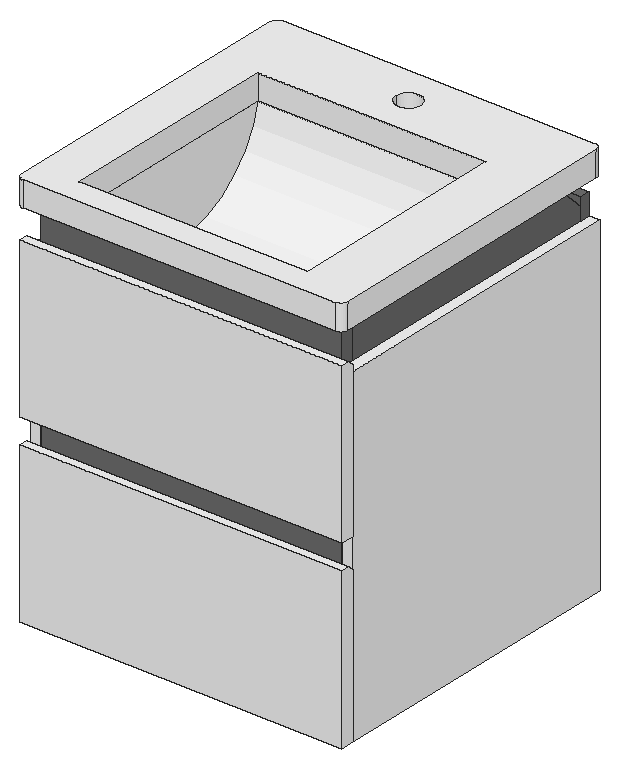
Revit family "135226861_Mueble Pontus Plus 45 cm con Lavamanos", category Furniture, Revit 2019
Family settings
  OmniClass Number = 23.31.13.11
  OmniClass Title = Single Sinks
  Work Plane-Based = No
  Always vertical = Yes
  Cut with Voids When Loaded = No
  Shared = No
  Room Calculation Point = No
Parameters
  URL = ""
  Resistencia a la humedad = "8%."  # constant formula
  Peso Neto aprox = "34,2 lb (15,5 kg)."  # constant formula
  Peso Bruto aprox = "42,5 lb (19,3 kg)."  # constant formula
  Model = "Pontus Plus 45"  # constant formula
  Material = Corona_Madera_Blanco
  Manufacturer = "Corona"  # constant formula
  Longitud = 450 mm
  Garantía Herraje = "1 Año"  # constant formula
  Garantía = "1 Año  (Madera)"  # constant formula
  Fecha de creación = "05/08/2020"  # constant formula
  Description = "Linea de Muebles Pontus Plus con acabado de pintura blanca brillante que da mayor\r\namplitud a los espacios.\r\n· Dos cajones con 30Kg de resistencia.\r\n· Máxima capacidad de almacenamiento.\r\n· Lavamanos 100% en porcelana con superficie amplia de apoyo.\r\n· Resistentes a la humedad."  # constant formula
  Creado por = "IDD"  # constant formula
  Carga Máxima = "88,2 lb (40 kg)"  # constant formula
  Ancho = 450 mm
  Alto = 764 mm
  Acabado = Corona_Madera_Onix
Reference planes
  plane 1 "Center (Front/Back)": y = 0
  plane 2: z = 0
  plane 3 "Center (Left/Right)": x = 0
  plane 4 "Center L/S": x = 225
  plane 5 "Center L/T": x = -225
  plane 6 "Center L/U": y = -450
  plane 7 "Center L/V": x = -210
  plane 8 "Center L/W": x = 210
  plane 9 "Center L/Z": y = -432
  plane 10 "Center L/BB": y = -15
  plane 11 "Center L/CC": y = -225
  plane 12: z = 764
  plane 13: z = 257
  plane 14: z = 721
  plane 15: z = 242
  plane 16: z = 524
  plane 17: z = 424
  plane 18 "Center L/DD": x = 1
  plane 19 "Center L/EE": x = -1
  plane 20: z = 464
  plane 21: z = 499
  plane 22: z = 706
  plane 23: z = 736
  plane 24 "Center L/GG": y = -414
  plane 25 "Center L/HH": x = 195
  plane 26 "Center L/II": x = -195
Forms (mm)
  Extrusion 1, solid, not visible
    sketch origin (0, 0, -26) x (1, 0, 0) y (0, 0, 1)
      loop
        circle (-87.767, 550) r 10
    from 0 to 1
  Extrusion 2, solid, not visible
    sketch origin (0, 0, -26) x (-1, 0, 0) y (0, 0, -1)
      loop
        circle (-123.767, -550) r 10
    from 0 to 1
  Extrusion 3, solid, not visible
    sketch origin (-87.767, 0, -126) x (-1, 0, 0) y (0, 0, -1)
      loop
        circle (-87.767, -550) r 10
    from 0 to 1
  Extrusion 4, solid, material "Corona_Madera_Blanco" <- "Material", detail levels medium+fine
    sketch origin (0, 0, 0) x (1, 0, 0) y (0, 1, 0)
      loop
        line (-225, 0) -> (-225, -432) -> (-210, -432) -> (-210, 0) -> (-225, 0)
    from 242 to 706
  Extrusion 5, solid, material "Corona_Madera_Blanco" <- "Material", detail levels medium+fine
    sketch origin (0, 0, 0) x (-1, 0, 0) y (0, -1, 0)
      loop
        line (-225, 0) -> (-210, 0) -> (-210, 432) -> (-225, 432) -> (-225, 0)
    from 242 to 706
  Extrusion 6, solid, material "Corona_Madera_Onix" <- "Acabado", detail levels medium+fine
    sketch origin (0, 0, 0) x (1, 0, 0) y (0, 1, 0)
      loop
        line (-210, 0) -> (-210, -15) -> (210, -15) -> (210, 0) -> (-210, 0)
    from 242 to 736
  Extrusion 7, solid, material "Corona_Madera_Blanco" <- "Material", detail levels medium+fine
    sketch origin (0, 0, 0) x (1, 0, 0) y (0, 1, 0)
      loop
        line (-210, -15) -> (-210, -432) -> (210, -432) -> (210, -15) -> (-210, -15)
    from 242 to 257
  Extrusion 8, solid, material "Corona_Madera_Blanco" <- "Material", detail levels coarse
    sketch origin (0, 0, 0) x (1, 0, 0) y (0, 1, 0)
      loop
        line (-225, 0) -> (-225, -450) -> (225, -450) -> (225, 0) -> (-225, 0)
    from 242 to 764
  Extrusion 9, solid, material "Corona_Porcelana_Sanitaria_Blanco", detail levels coarse
    sketch origin (0, 0, 0) x (1, 0, 0) y (0, 1, 0)
      loop
        line (-225, 0) -> (-225, -450) -> (225, -450) -> (225, 0) -> (-225, 0)
    from 764 to 799
  Extrusion 10, solid, material "Corona_Madera_Blanco" <- "Material", detail levels medium+fine
    sketch origin (0, 0, 0) x (0, 1, 0) y (0, 0, 1)
      loop
        line (-450, 242) -> (-432, 242) -> (-432, 457.273) -> (-438.727, 464) -> (-450, 464) -> (-450, 242)
      loop
        line (-450, 499) -> (-432, 499) -> (-432, 714.273) -> (-438.727, 721) -> (-450, 721) -> (-450, 499)
    from -225 to 225
  Extrusion 11, solid, material "Corona_Madera_Onix" <- "Acabado", detail levels medium+fine
    sketch origin (0, 0, 0) x (0, 1, 0) y (0, 0, 1)
      loop
        line (-414, 764) -> (-414, 706) -> (-15, 706) -> (-15, 724) -> (-55, 764) -> (-414, 764)
    from 195 to 210
  Extrusion 12, solid, material "Corona_Madera_Onix" <- "Acabado", detail levels medium+fine
    sketch origin (0, 0, 0) x (0, 1, 0) y (0, 0, -1)
      loop
        line (-414, -764) -> (-55, -764) -> (-15, -724) -> (-15, -706) -> (-414, -706) -> (-414, -764)
    from 195 to 210
  Extrusion 13, solid, material "Corona_Madera_Onix" <- "Acabado", detail levels medium+fine
    sketch origin (0, 0, 0) x (1, 0, 0) y (0, 1, 0)
      loop
        line (-210, -414) -> (-210, -432) -> (210, -432) -> (210, -414) -> (-210, -414)
    from 706 to 764
  Extrusion 14, solid, material "Corona_Madera_Onix" <- "Acabado", detail levels medium+fine
    sketch origin (0, 0, 0) x (1, 0, 0) y (0, 1, 0)
      loop
        line (-210, -414) -> (-210, -432) -> (210, -432) -> (210, -414) -> (-210, -414)
    from 457.273 to 499
Dimensions and locks
  equal spacing: plane 5 "Center L/T", plane 3 "Center (Left/Right)", plane 4 "Center L/S"
  "Ancho": plane 5 "Center L/T" to plane 4 "Center L/S"
  "Longitud": plane 6 "Center L/U" to plane 1 "Center (Front/Back)"
  plane 14 to plane 13 = 464 mm
  plane 12 to plane 15 = 522 mm
  locked: plane 13 to plane 15 at 15
  plane 12 to plane 14 = 43 mm
  "Alto": plane 12 to level
  locked: plane 7 "Center L/V" to plane 5 "Center L/T" at 15
  locked: plane 4 "Center L/S" to plane 8 "Center L/W" at 15
  plane 20 to plane 15 = 222 mm
  plane 21 to plane 20 = 35 mm
  plane 14 to plane 21 = 222 mm
  locked: plane 14 to plane 22 at 15
  locked: plane 23 to plane 14 at 15
  aligned and locked: level to plane 2
  aligned and locked: Extrusion 4 sketch curve to plane 7 "Center L/V"
  aligned and locked: Extrusion 4 sketch curve to plane 9 "Center L/Z"
  aligned and locked: plane 5 "Center L/T" to Extrusion 4 sketch curve
  aligned and locked: plane 1 "Center (Front/Back)" to Extrusion 4 sketch curve
  aligned and locked: plane 9 "Center L/Z" to Extrusion 5
  aligned and locked: plane 4 "Center L/S" to Extrusion 5
  aligned and locked: Extrusion 5 to plane 8 "Center L/W"
  aligned and locked: Extrusion 5 to plane 1 "Center (Front/Back)"
  aligned and locked: Extrusion 6 sketch curve to plane 8 "Center L/W"
  aligned and locked: plane 1 "Center (Front/Back)" to Extrusion 6 sketch curve
  aligned and locked: Extrusion 6 sketch curve to plane 10 "Center L/BB"
  aligned and locked: plane 7 "Center L/V" to Extrusion 6 sketch curve
  aligned and locked: Extrusion 6 to plane 15
  aligned and locked: Extrusion 5 to plane 15
  aligned and locked: Extrusion 4 to plane 15
  aligned and locked: Extrusion 7 sketch curve to plane 8 "Center L/W"
  aligned and locked: plane 10 "Center L/BB" to Extrusion 7 sketch curve
  aligned and locked: plane 7 "Center L/V" to Extrusion 7 sketch curve
  aligned and locked: Extrusion 7 sketch curve to plane 9 "Center L/Z"
  aligned and locked: plane 13 to Extrusion 7
  aligned and locked: Extrusion 7 to plane 15
  aligned and locked: nested 1 to plane 12
  aligned and locked: plane 1 "Center (Front/Back)" to nested 1
  aligned and locked: Extrusion 8 sketch curve to plane 6 "Center L/U"
  aligned and locked: plane 5 "Center L/T" to Extrusion 8 sketch curve
  aligned and locked: plane 1 "Center (Front/Back)" to Extrusion 8 sketch curve
  aligned and locked: Extrusion 8 sketch curve to plane 4 "Center L/S"
  aligned and locked: plane 12 to Extrusion 8
  aligned and locked: Extrusion 8 to plane 15
  aligned and locked: nested 1 to Extrusion 9
  aligned and locked: Extrusion 9 to plane 12
  aligned and locked: plane 3 "Center (Left/Right)" to nested 2
  aligned and locked: plane 1 "Center (Front/Back)" to nested 2
  aligned and locked: plane 3 "Center (Left/Right)" to nested 3
  aligned and locked: nested 3 to plane 12
  aligned and locked: nested 4 to plane 11 "Center L/CC"
  aligned and locked: nested 4 to plane 12
  aligned and locked: plane 6 "Center L/U" to Extrusion 10 sketch curve
  aligned and locked: Extrusion 10 sketch curve to plane 15
  aligned and locked: Extrusion 10 sketch curve to plane 9 "Center L/Z"
  aligned and locked: plane 20 to Extrusion 10 sketch curve
  aligned and locked: Extrusion 8 to Extrusion 10 sketch curve
  aligned and locked: Extrusion 10 sketch curve to plane 21
  aligned and locked: Extrusion 10 sketch curve to Extrusion 5
  aligned and locked: plane 14 to Extrusion 10 sketch curve
  aligned and locked: plane 4 "Center L/S" to Extrusion 10
  aligned and locked: Extrusion 10 to plane 5 "Center L/T"
  aligned and locked: plane 23 to Extrusion 6
  aligned and locked: plane 22 to Extrusion 5
  aligned and locked: Extrusion 4 to Extrusion 5
  aligned and locked: Extrusion 11 sketch curve to plane 24 "Center L/GG"
  aligned and locked: Extrusion 11 sketch curve to plane 12
  aligned and locked: plane 22 to Extrusion 11 sketch curve
  aligned and locked: plane 10 "Center L/BB" to Extrusion 11 sketch curve
  aligned and locked: plane 8 "Center L/W" to Extrusion 11
  aligned and locked: Extrusion 11 to plane 25 "Center L/HH"
  aligned and locked: plane 26 "Center L/II" to Extrusion 12
  aligned and locked: plane 24 "Center L/GG" to Extrusion 12
  aligned and locked: Extrusion 12 to plane 7 "Center L/V"
  aligned and locked: Extrusion 12 to plane 10 "Center L/BB"
  aligned and locked: Extrusion 13 sketch curve to plane 8 "Center L/W"
  aligned and locked: plane 24 "Center L/GG" to Extrusion 13 sketch curve
  aligned and locked: Extrusion 13 sketch curve to plane 9 "Center L/Z"
  aligned and locked: plane 7 "Center L/V" to Extrusion 13 sketch curve
  aligned and locked: Extrusion 13 to Extrusion 12  (x2)
  aligned and locked: Extrusion 10 to Extrusion 14
  aligned and locked: plane 21 to Extrusion 14
Automatic sketch dimensions
  Extrusion 1 sketch curve to plane 16 = 0 mm
  Extrusion 1 sketch curve to plane 19 "Center L/EE" = 86.767 mm
  Extrusion 2 sketch curve to plane 16 = 0 mm
  plane 25 "Center L/HH" to Extrusion 2 sketch curve = 71.233 mm
  Extrusion 3 sketch curve to plane 3 "Center (Left/Right)" = 0 mm
  Extrusion 3 sketch curve to plane 17 = 0 mm
  Extrusion 5 sketch curve to plane 4 "Center L/S" = 0 mm
  Extrusion 5 sketch curve to plane 8 "Center L/W" = 0 mm
  plane 9 "Center L/Z" to Extrusion 5 sketch curve = 0 mm
  plane 1 "Center (Front/Back)" to Extrusion 5 sketch curve = 0 mm
  Extrusion 9 sketch curve to plane 5 "Center L/T" = 0 mm
  Extrusion 9 sketch curve to plane 4 "Center L/S" = 0 mm
  plane 6 "Center L/U" to Extrusion 9 sketch curve = 0 mm
  plane 1 "Center (Front/Back)" to Extrusion 9 sketch curve = 0 mm
  plane 9 "Center L/Z" to Extrusion 10 sketch curve = 6.727 mm  (x2)
  Extrusion 10 sketch curve to plane 20 = 6.727 mm
  Extrusion 10 sketch curve to plane 14 = 6.727 mm
  plane 10 "Center L/BB" to Extrusion 11 sketch curve = 40 mm
  plane 14 to Extrusion 11 sketch curve = 3 mm
  Extrusion 12 sketch curve to plane 12 = 0 mm
  Extrusion 12 sketch curve to plane 24 "Center L/GG" = 0 mm
  Extrusion 12 sketch curve to plane 10 "Center L/BB" = 0 mm
  Extrusion 12 sketch curve to plane 22 = 0 mm
  plane 10 "Center L/BB" to Extrusion 12 sketch curve = 40 mm
  plane 14 to Extrusion 12 sketch curve = 3 mm
  Extrusion 14 sketch curve to plane 7 "Center L/V" = 0 mm
  Extrusion 14 sketch curve to plane 8 "Center L/W" = 0 mm
  plane 9 "Center L/Z" to Extrusion 14 sketch curve = 0 mm
  plane 24 "Center L/GG" to Extrusion 14 sketch curve = 0 mm
  radius of Extrusion 1 sketch curve = 10 mm
  radius of Extrusion 2 sketch curve = 10 mm
  radius of Extrusion 3 sketch curve = 10 mm
Nested families
  nested 1: "Lavamanos pontus 60" at (173, 0, 799), type "Lavamanos pontus 60", detail levels medium+fine
  nested 2: "Planta3" at (0, 0, 0), type "Planta3"
  nested 3: "Front3" at (0, 0, 764) x (1, 0, 0) z (0, -1, 0), type "Front3"
  nested 4: "Rigth3" at (0, -225, 764) x (0, 1, 0) z (1, 0, 0), type "Rigth3"
Connectors
  piping at (123.767, 0, 524), diameter 12.7
    settings: on Extrusion 2, index 5, connector inside diameter 609.6 mm, connector length 0 mm, flow factor 0, pipe flow 0.0 L/s, pressure drop 0.0 Pa, fitting loss kfactor 0, connector angle 0.00°, fixture units 0, engagement length 0 mm, angle of deflection 0.00°, flow configuration 0, flow direction 0, fitting loss method 0, system type 20, joint type 0, gender type 0, connector reference index -1, connector utility 0, adjustable connector no, is connector primary yes, connector description ""
  piping at (-87.767, 0, 524), diameter 12.7
    settings: on Extrusion 1, index 6, connector inside diameter 609.6 mm, connector length 0 mm, flow factor 0, pipe flow 0.0 L/s, pressure drop 0.0 Pa, fitting loss kfactor 0, connector angle 0.00°, fixture units 0, engagement length 0 mm, angle of deflection 0.00°, flow configuration 0, flow direction 0, fitting loss method 0, system type 19, joint type 0, gender type 0, connector reference index -1, connector utility 0, adjustable connector no, is connector primary no, connector description ""
  piping at (0, 0, 424), diameter 38.1
    settings: on Extrusion 3, index 7, connector inside diameter 609.6 mm, connector length 0 mm, flow factor 0, pipe flow 0.0 L/s, pressure drop 0.0 Pa, fitting loss kfactor 0, connector angle 0.00°, fixture units 0, engagement length 0 mm, angle of deflection 0.00°, flow configuration 0, flow direction 0, fitting loss method 0, system type 16, joint type 0, gender type 0, connector reference index -1, connector utility 0, adjustable connector no, is connector primary no, connector description ""
Definition of nested family "Lavamanos pontus 60"
  Parameters (values of type "Lavamanos pontus 60")
    Material = none
    Longitud = 453 mm
    Ancho = 456 mm
  Reference planes
    plane 1 "Center (Front/Back)": y = 0
    plane 2: z = 0
    plane 3 "Center L/T": x = -401
    plane 4 "Center L/U": y = -453
    plane 5: z = -35
    plane 6: z = -165
    plane 7 "Center L/V": x = -341
    plane 8 "Center L/W": x = -22
    plane 9 "Center L/X": y = -418
    plane 10 "Center L/Y": y = -106
    plane 11 "Center L/S": x = 55
    plane 12 "Center L/Z": x = -173
  Forms (mm)
    Extrusion 1, solid, material <- "Material"
      sketch origin (0, 0, 0) x (1, 0, 0) y (0, 1, 0)
        loop
          arc (-391, 0) -> (-398.071, -2.929) -> (-401, -10) r 10
          line (-401, -10) -> (-401, -443)
          arc (-401, -443) -> (-398.071, -450.071) -> (-391, -453) r 10
          line (-391, -453) -> (45, -453)
          arc (45, -453) -> (52.071, -450.071) -> (55, -443) r 10
          line (55, -443) -> (55, -10)
          arc (55, -10) -> (52.071, -2.929) -> (45, 0) r 10
          line (45, 0) -> (-391, 0)
        loop
          line (-341, -106) -> (-341, -418) -> (-22, -418) -> (-22, -106) -> (-341, -106)
      from 0 to -35
    Extrusion 2, solid, material <- "Material"
      sketch origin (0, 0, 0) x (1, 0, 0) y (0, 1, 0)
        loop
          line (-1, -428) -> (-1, -96) -> (-356, -96) -> (-356, -428) -> (-1, -428)
      from -35 to -165
    Extrusion 3, void
      sketch origin (0, 0, 0) x (0, 1, 0) y (0, 0, 1)
        loop
          arc (-300.939, -157.11) -> (-379.852, -113.866) -> (-423.183, -35) r 160.826
          line (-423.183, -35) -> (-433.439, -35) -> (-433.439, -180) -> (-300.939, -180) -> (-300.939, -157.11)
        loop
          line (-223.061, -165) -> (-223.061, -180) -> (-90.561, -180) -> (-90.561, -35) -> (-100.85, -35)
          arc (-100.85, -35) -> (-143.89, -114.365) -> (-222.911, -158.034) r 160.826
          line (-222.911, -158.034) -> (-222.911, -165)
      from -401 to 55
    Extrusion 4, void
      sketch origin (0, 0, 0) x (0, 1, 0) y (0, 0, 1)
        loop
          line (-299.38, -153.903) -> (-224.62, -153.903) -> (-224.62, -149.131)
          arc (-224.62, -149.131) -> (-147.771, -110.385) -> (-106.249, -35) r 145.528
          line (-106.249, -35) -> (-417.082, -35)
          arc (-417.082, -35) -> (-375.804, -110.15) -> (-299.38, -149.016) r 145.528
          line (-299.38, -149.016) -> (-299.38, -153.903)
      from -341 to -22
    Extrusion 5, void
      sketch origin (0, 0, 0) x (1, 0, 0) y (0, 1, 0)
        loop
          circle (-173, -262.353) r 38.1
      from -185.771 to -135.263
    Extrusion 6, void
      sketch origin (0, 210, 0) x (1, 0, 0) y (0, 1, 0)
        loop
          circle (-173, -262.353) r 17.5
      from -41.473 to 12.864
  Cuts and joins
    Extrusion 3, Extrusion 4, Extrusion 6 cuts Extrusion 1
    Extrusion 3, Extrusion 4, Extrusion 5, Extrusion 6 cuts Extrusion 2
  Dimensions and locks
    "Ancho": plane 3 "Center L/T" to plane 11 "Center L/S"
    "Longitud": plane 4 "Center L/U" to plane 1 "Center (Front/Back)"
    plane 2 to plane 6 = 165 mm
    level to plane 5 = 35 mm
    plane 7 "Center L/V" to plane 8 "Center L/W" = 319 mm
    locked: plane 3 "Center L/T" to plane 7 "Center L/V" at 60
    plane 9 "Center L/X" to plane 10 "Center L/Y" = 312 mm
    locked: plane 4 "Center L/U" to plane 9 "Center L/X" at 35
    equal spacing: plane 3 "Center L/T", plane 12 "Center L/Z", plane 11 "Center L/S"
    aligned and locked: level to plane 2
    aligned and locked: Extrusion 1 sketch curve to plane 4 "Center L/U"
    aligned and locked: plane 3 "Center L/T" to Extrusion 1 sketch curve
    aligned and locked: plane 1 "Center (Front/Back)" to Extrusion 1 sketch curve
    aligned and locked: Extrusion 1 sketch curve to plane 8 "Center L/W"
    aligned and locked: plane 10 "Center L/Y" to Extrusion 1 sketch curve
    aligned and locked: plane 7 "Center L/V" to Extrusion 1 sketch curve
    aligned and locked: Extrusion 1 sketch curve to plane 9 "Center L/X"
    aligned and locked: Extrusion 2 to plane 6
    aligned and locked: Extrusion 1 sketch curve to plane 11 "Center L/S"
    aligned and locked: Extrusion 4 to Extrusion 1
    aligned and locked: Extrusion 4 to cut or joined group of Extrusion 2, Extrusion 3, Extrusion 4, Extrusion 5, Extrusion 6
    aligned and locked: plane 12 "Center L/Z" to nested 1
  Automatic sketch dimensions
    plane 3 "Center L/T" to Extrusion 1 sketch curve = 10 mm  (x2)
    Extrusion 1 sketch curve to plane 11 "Center L/S" = 10 mm  (x2)
    Extrusion 2 sketch curve to plane 7 "Center L/V" = 15 mm
    plane 9 "Center L/X" to Extrusion 2 sketch curve = 10 mm
    plane 8 "Center L/W" to Extrusion 2 sketch curve = 21 mm
    Extrusion 2 sketch curve to plane 10 "Center L/Y" = 10 mm
    Extrusion 3 sketch curve to plane 5 = 0 mm  (x2)
    Extrusion 3 sketch curve to plane 6 = 0 mm  (x2)
    plane 9 "Center L/X" to Extrusion 3 sketch curve = 15.439 mm
    plane 9 "Center L/X" to Extrusion 3 sketch curve = 5.183 mm
    Extrusion 3 sketch curve to plane 6 = 15 mm  (x2)
    Extrusion 3 sketch curve to plane 9 "Center L/X" = 117.061 mm
    Extrusion 3 sketch curve to level = 0.082 mm
    Extrusion 3 sketch curve to plane 9 "Center L/X" = 151.806 mm
    Extrusion 3 sketch curve to level = 1.096 mm
    Extrusion 3 sketch curve to Extrusion 3 sketch curve = 8.132 mm
    Extrusion 3 sketch curve to Extrusion 3 sketch curve = 77.878 mm
    Extrusion 3 sketch curve to Extrusion 3 sketch curve = 0.15 mm
    Extrusion 3 sketch curve to plane 10 "Center L/Y" = 5.15 mm
    Extrusion 3 sketch curve to plane 10 "Center L/Y" = 15.439 mm
    Extrusion 4 sketch curve to plane 5 = 0 mm
    Extrusion 4 sketch curve to plane 9 "Center L/X" = 0.918 mm
    plane 6 to Extrusion 4 sketch curve = 11.097 mm
    Extrusion 4 sketch curve to plane 9 "Center L/X" = 118.62 mm
    Extrusion 4 sketch curve to level = 5.622 mm  (x2)
    Extrusion 4 sketch curve to plane 9 "Center L/X" = 143.45 mm
    Extrusion 4 sketch curve to Extrusion 4 sketch curve = 25.769 mm
    plane 6 to Extrusion 4 sketch curve = 15.869 mm
    Extrusion 4 sketch curve to Extrusion 4 sketch curve = 74.76 mm
    Extrusion 5 sketch curve to plane 12 "Center L/Z" = 0 mm
    Extrusion 5 sketch curve to plane 9 "Center L/X" = 155.647 mm
    Extrusion 6 sketch curve to plane 12 "Center L/Z" = 0 mm
    plane 1 "Center (Front/Back)" to Extrusion 6 sketch curve = 52.353 mm
    radius of Extrusion 5 sketch curve = 38.1 mm
    radius of Extrusion 6 sketch curve = 17.5 mm
  Nested families
    nested 1: "Canastilla" at (-173, -263.802, -179.217), type "Canastilla"
  Definition of nested family "Canastilla"
    Parameters (values of type "Canastilla")
      Material = none
    Reference planes
      plane 1 "Center (Front/Back)": y = 0
      plane 2: z = 0
      plane 3 "Center (Left/Right)": x = 0
    Forms (mm)
      Revolve 1, solid, material <- "Material"
        sketch origin (0, 0, 0) x (1, 0, 0) y (0, 0, 1)
          loop
            line (-26.595, 26.918) -> (-38.5, 26.918) -> (-38.5, 25.314) -> (-36.628, 25.314) -> (-36.628, 24.512) -> (-33.153, 24.512) -> (-33.153, 21.838) -> (-30.977, 15.519) -> (-28.87, 15.147) -> (-28.87, 11.939) -> (-27.713, 11.27) -> (-27.713, 9.934) -> (-26.865, 9.934) -> (-26.865, 7.388) -> (-17.652, 3.286) -> (-16.315, 3.286) -> (-15.184, 0) -> (0, 0) -> (0, 21.204) -> (-5.81, 21.204)
            arc (-5.81, 21.204) -> (-6.163, 21.058) -> (-6.31, 20.704) r 0.5
            line (-6.31, 20.704) -> (-6.31, 19.645)
            arc (-6.31, 19.645) -> (-6.163, 19.292) -> (-5.81, 19.145) r 0.5
            line (-5.81, 19.145) -> (-3.119, 19.145) -> (-3.119, 18.241) -> (-4.218, 18.241) -> (-4.821, 14.686) -> (-19.481, 14.686)
            arc (-19.481, 14.686) -> (-20.699, 15.099) -> (-21.413, 16.168) r 2
            line (-21.413, 16.168) -> (-23.698, 24.695)
            arc (-23.698, 24.695) -> (-24.769, 26.298) -> (-26.595, 26.918) r 3
          axis (0, 26.918) -> (0, 0)
        angle from 0 to 360
    Dimensions and locks
      aligned and locked: level to plane 2
      aligned and locked: Revolve 1 sketch curve to plane 3 "Center (Left/Right)"
      aligned and locked: Revolve 1 sketch curve to plane 2
Definition of nested family "Planta3"
  Parameters (values of type "Planta3")
    Longitud = 450 mm
    Ancho = 450 mm
  Reference planes
    plane 1 "Center (Front/Back)": y = 0
    plane 2: z = 0
    plane 3 "Center (Left/Right)": x = 0
    plane 4 "Center (F/C": x = 225
    plane 5 "Center (F/D": x = -225
    plane 6 "Center (F/E": y = -450
  Lines and regions (mm)
    detail lines, in view "Ref. Level"
      curve 1: line (-215, 0, 0) -> (215, 0, 0)
      curve 2: line (-225, -440, 0) -> (-225, -10, 0)
      curve 3: line (215, -450, 0) -> (-215, -450, 0)
      curve 4: line (225, -10, 0) -> (225, -440, 0)
      curve 5: arc (-225, -10, 0) -> (-222.071, -2.929, 0) -> (-215, 0, 0) r 10
      curve 6: arc (215, 0, 0) -> (222.071, -2.929, 0) -> (225, -10, 0) r 10
      curve 7: arc (225, -440, 0) -> (222.071, -447.071, 0) -> (215, -450, 0) r 10
      curve 8: arc (-215, -450, 0) -> (-222.071, -447.071, 0) -> (-225, -440, 0) r 10
      curve 9: line (-159.375, -101.85, 0) -> (-159.375, -424.183, 0)
      curve 10: line (159.375, -101.85, 0) -> (-159.375, -101.85, 0)
      curve 11: line (159.375, -424.183, 0) -> (159.375, -101.85, 0)
      curve 12: line (-159.375, -424.183, 0) -> (159.375, -424.183, 0)
      curve 13: line (-134.375, -101.85, 0) -> (-134.375, -131.85, 0)
      curve 14: line (-134.375, -424.183, 0) -> (-134.375, -394.183, 0)
      curve 15: arc (-134.375, -131.85, 0) -> (-122.017, -263.017, 0) -> (-134.375, -394.183, 0) r 702.248
      curve 16: line (134.375, -101.85, 0) -> (134.375, -131.85, 0)
      curve 17: line (134.375, -424.183, 0) -> (134.375, -394.183, 0)
      curve 18: arc (134.375, -131.85, 0) -> (122.017, -263.017, 0) -> (134.375, -394.183, 0) r 702.248
      curve 19: circle (0, -263.017, 0) r 21.75 normal (0, 0, 1)
      curve 20: circle (0, -48.017, 0) r 17.5 normal (0, 0, 1)
  Dimensions and locks
    equal spacing: plane 5 "Center (F/D", plane 3 "Center (Left/Right)", plane 4 "Center (F/C"
    "Ancho": plane 5 "Center (F/D" to plane 4 "Center (F/C"
    "Longitud": plane 6 "Center (F/E" to plane 1 "Center (Front/Back)"
    aligned and locked: curve 4 to plane 4 "Center (F/C"
    aligned and locked: curve 3 to plane 6 "Center (F/E"
    aligned and locked: plane 5 "Center (F/D" to curve 2
    aligned and locked: plane 1 "Center (Front/Back)" to curve 1
  Automatic sketch dimensions
    curve 8 to curve 8 = 10 mm
    plane 1 "Center (Front/Back)" to curve 5 = 10 mm
    curve 1 to plane 4 "Center (F/C" = 10 mm
    curve 7 to plane 4 "Center (F/C" = 10 mm
    plane 5 "Center (F/D" to curve 14 = 90.625 mm
    plane 5 "Center (F/D" to curve 13 = 90.625 mm
    curve 9 to curve 14 = 25 mm
    curve 15 to plane 6 "Center (F/E" = 186.983 mm
    curve 15 to curve 9 = 664.89 mm
    curve 19 to plane 3 "Center (Left/Right)" = 0 mm
    curve 20 to plane 3 "Center (Left/Right)" = 0 mm
    plane 3 "Center (Left/Right)" to curve 17 = 134.375 mm
    plane 3 "Center (Left/Right)" to curve 16 = 134.375 mm
    curve 17 to curve 11 = 25 mm
    curve 18 to plane 6 "Center (F/E" = 186.983 mm
    plane 4 "Center (F/C" to curve 18 = 599.265 mm
    curve 9 to curve 14 = 30 mm
    curve 12 to curve 17 = 30 mm
    curve 19 to plane 6 "Center (F/E" = 186.983 mm
    curve 15 to curve 10 = 30 mm
    plane 1 "Center (Front/Back)" to curve 20 = 48.017 mm
    curve 8 to curve 14 = 15.817 mm
    radius of curve 19 = 21.75 mm
    radius of curve 20 = 17.5 mm
Definition of nested family "Front3"
  Parameters (values of type "Front3")
    Longitud = 522 mm
    Ancho = 450 mm
  Reference planes
    plane 1 "Center (Front/Back)": y = 0
    plane 2: z = 0
    plane 3 "Center (Left/Right)": x = 0
    plane 4 "Center (F/C": x = 225
    plane 5 "Center (F/D": x = -225
    plane 6 "Center (F/E": y = -522
    plane 7 "Center (F/I": y = 35
    plane 8 "Center (F/J": y = -278
    plane 9 "Center (F/K": y = -243
    plane 10 "Center (F/L": y = -21
  Lines and regions (mm)
    detail lines, in view "Ref. Level"
      curve 1: line (-225, 0, 0) -> (225, 0, 0)
      curve 2: line (-225, -522, 0) -> (-225, -21, 0)
      curve 3: line (225, -522, 0) -> (-225, -522, 0)
      curve 4: line (225, -21, 0) -> (225, -522, 0)
      curve 5: line (-225, -21, 0) -> (225, -21, 0)
      curve 6: line (-225, 0, 0) -> (-225, 35, 0)
      curve 7: line (-225, 35, 0) -> (225, 35, 0)
      curve 8: line (225, 35, 0) -> (225, 0, 0)
      curve 9: line (-225, -278, 0) -> (225, -278, 0)
      curve 10: line (-225, -243, 0) -> (225, -243, 0)
      curve 11: line (-210, -243, 0) -> (-210, -278, 0)
      curve 12: line (210, -243, 0) -> (210, -278, 0)
      curve 13: line (-210, 0, 0) -> (-210, -21, 0)
      curve 14: line (210, 0, 0) -> (210, -21, 0)
  Dimensions and locks
    equal spacing: plane 5 "Center (F/D", plane 3 "Center (Left/Right)", plane 4 "Center (F/C"
    "Ancho": plane 5 "Center (F/D" to plane 4 "Center (F/C"
    "Longitud": plane 6 "Center (F/E" to plane 1 "Center (Front/Back)"
    aligned and locked: curve 4 to plane 4 "Center (F/C"
    aligned and locked: curve 3 to plane 6 "Center (F/E"
    aligned and locked: plane 5 "Center (F/D" to curve 2
    aligned and locked: plane 1 "Center (Front/Back)" to curve 1
  Automatic sketch dimensions
    plane 10 "Center (F/L" to curve 13 = 0 mm
    plane 8 "Center (F/J" to curve 11 = 0 mm
    plane 9 "Center (F/K" to curve 11 = 0 mm
    plane 7 "Center (F/I" to curve 6 = 0 mm
    plane 5 "Center (F/D" to curve 13 = 15 mm
    plane 5 "Center (F/D" to curve 11 = 15 mm
    curve 14 to plane 4 "Center (F/C" = 15 mm
    curve 12 to plane 4 "Center (F/C" = 15 mm
    curve 8 to plane 4 "Center (F/C" = 0 mm
    curve 1 to plane 5 "Center (F/D" = 0 mm
Definition of nested family "Rigth3"
  Parameters (values of type "Rigth3")
    Longitud = 522 mm
    Ancho = 450 mm
  Reference planes
    plane 1 "Center (Front/Back)": y = 0
    plane 2: z = 0
    plane 3 "Center (Left/Right)": x = 0
    plane 4 "Center (F/C": x = 225
    plane 5 "Center (F/D": x = -225
    plane 6 "Center (F/E": y = -522
    plane 7 "Center (F/I": y = 35
    plane 8 "Center (F/J": y = -300
    plane 9 "Center (F/K": y = -265
    plane 10 "Center (F/L": y = -43
  Lines and regions (mm)
    detail lines, in view "Ref. Level"
      curve 1: line (-225, 0, 0) -> (225, 0, 0)
      curve 2: line (-225, -522, 0) -> (-225, -300, 0)
      curve 3: line (225, -522, 0) -> (-225, -522, 0)
      curve 4: line (225, -8, 0) -> (225, -522, 0)
      curve 5: line (-225, -300, 0) -> (-217.5, -300, 0)
      curve 6: line (-210, -307.5, 0) -> (-210, -522, 0)
      curve 7: line (-210, -307.5, 0) -> (-210, 0, 0)
      curve 8: line (-225, 0, 0) -> (-225, 35, 0)
      curve 9: line (-225, 35, 0) -> (225, 35, 0)
      curve 10: line (225, 35, 0) -> (225, 0, 0)
      curve 11: line (-217.5, -300, 0) -> (-210, -307.5, 0)
      curve 12: line (-225, -265, 0) -> (-225, -43, 0)
      curve 13: line (-210, -265, 0) -> (-225, -265, 0)
      curve 14: line (-225, -43, 0) -> (-217.5, -43, 0)
      curve 15: line (-217.5, -43, 0) -> (-210, -50.5, 0)
      curve 16: line (-210, -43, 0) -> (-195, -43, 0)
      curve 17: line (-195, -43, 0) -> (225, -43, 0)
      curve 18: line (-195, -43, 0) -> (-195, 0, 0)
      curve 19: line (210, -43, 0) -> (210, -8, 0)
      curve 20: line (210, -21.5, 0) -> (188.5, 0, 0)
      curve 21: line (210, -8, 0) -> (225, -8, 0)
  Dimensions and locks
    equal spacing: plane 5 "Center (F/D", plane 3 "Center (Left/Right)", plane 4 "Center (F/C"
    "Ancho": plane 5 "Center (F/D" to plane 4 "Center (F/C"
    "Longitud": plane 6 "Center (F/E" to plane 1 "Center (Front/Back)"
    aligned and locked: curve 4 to plane 4 "Center (F/C"
    aligned and locked: curve 3 to plane 6 "Center (F/E"
    aligned and locked: plane 5 "Center (F/D" to curve 2
    aligned and locked: plane 1 "Center (Front/Back)" to curve 1
  Automatic sketch dimensions
    curve 1 to plane 5 "Center (F/D" = 0 mm
    curve 12 to plane 5 "Center (F/D" = 0 mm
    plane 10 "Center (F/L" to curve 14 = 0 mm
    plane 8 "Center (F/J" to curve 11 = 0 mm
    plane 9 "Center (F/K" to curve 13 = 0 mm
    plane 10 "Center (F/L" to curve 16 = 0 mm
    plane 7 "Center (F/I" to curve 9 = 0 mm
    curve 12 to curve 14 = 7.5 mm
    plane 5 "Center (F/D" to curve 11 = 7.5 mm
    curve 5 to curve 6 = 7.5 mm
    curve 14 to curve 16 = 22.5 mm
    plane 8 "Center (F/J" to curve 6 = 7.5 mm
    plane 5 "Center (F/D" to curve 7 = 15 mm
    curve 20 to plane 4 "Center (F/C" = 36.5 mm
    curve 19 to plane 4 "Center (F/C" = 15 mm
    plane 10 "Center (F/L" to curve 15 = 7.5 mm
    curve 19 to curve 20 = 21.5 mm
    plane 1 "Center (Front/Back)" to curve 21 = 8 mm
    curve 1 to plane 4 "Center (F/C" = 0 mm
